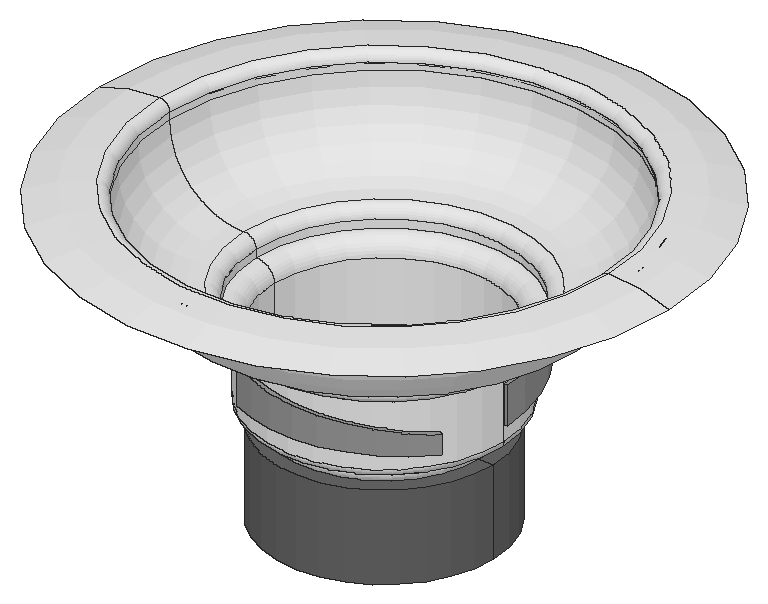
Revit family "LB6A", category Lighting Fixtures, host Face, Revit 2014
Parameters (values of type "LB6A")
  Wattage = 9.7 W
  built-in parameter 1150110 = 1 (stored number, unit not read)
  Voltage = 120 V
  built-in parameter 1114217 = 1 (stored number, unit not read)
  Tilt Angle = -90.00°
  built-in parameter 1150109 = 1 (stored number, unit not read)
  built-in parameter 1150134 = (empty or 0)
  built-in parameter 1150113 = 1 (stored number, unit not read)
  Power Factor = 1
  Photometric Web File = "LB6A7L30K9_WH.ies"
  More Photometric Web Link = "https://www.hubbell.com/hubbelllightingci/en/Products/Lighting-Controls/Commercial-Indoor-Lighting/Recessed-Downlights/LB6-LBEB6/p/2200690#prod-resources-section"
  built-in parameter 1150105 = -234208.4 (stored number, unit not read)
  Lumens = 663.48 lm
  built-in parameter 1150115 = 1 (stored number, unit not read)
  Load Classification = Lighting
  built-in parameter 1150137 = (empty or 0)
  built-in parameter 1150139 = (empty or 0)
  Wattage Comments = "Energy saving LED light engine with 10-watt input power"  # constant formula
  URL = "https://www.hubbell.com/prescolite/en/"
  Product Page URL = "https://www.hubbell.com/hubbelllightingci/en/Products/Lighting-Controls/Commercial-Indoor-Lighting/Recessed-Downlights/LB6-LBEB6/p/2200690"
  Product Documentation Link = "https://hubbellcdn.com/specsheet/lb_led_017.pdf"
  Model = "LB6A"  # constant formula
  Manufacturer = "Prescolite"  # constant formula
  built-in parameter 1150112 = 1 (stored number, unit not read)
  built-in parameter 1150114 = 1 (stored number, unit not read)
  Lamp = "LED"  # constant formula
  Input Wattage = 9.7 W
  built-in parameter 1150132 = (empty or 0)
  built-in parameter 1150102 = (empty or 0)
  built-in parameter 1150107 = 3000 (stored number, unit not read)
  built-in parameter 1150138 = (empty or 0)
  built-in parameter 1150106 = -2342.1 (stored number, unit not read)
  Glass = Hubbell-White Glass
  Emit from Circle Diameter = 6"  # constant formula
  Emit Shape Visible in Rendering = no
  built-in parameter 1150104 = 6.3546 (stored number, unit not read)
  Dimming Lamp Color Temperature Shift = <None>
  Description = "6in Fixed or Directional Downlight"  # constant formula
  Default Elevation = 48"
  Trim = Hubbell-White
  Contact us = "https://www.hubbell.com/hubbelllightingci/en/contactUs?productId=2200690"
  Color Filter = 16777215
  built-in parameter 1114218 = 1 (stored number, unit not read)
  built-in parameter 1150133 = 10 (stored number, unit not read)
  Apparent Load = Input Wattage / Power Factor  # 9.7 VA
Reference planes (in)
  plane 1 "Center (Front/Back)": y = 13.04941
  plane 2: z = 0
  plane 3 "Center (Left/Right)": x = 0
  plane 4: x = 3.875
  plane 5: z = -3.875
  plane 6: z = -2.72186
  plane 7: x = 2.93
  plane 8: z = 0.27754
Forms (in)
  Revolve 1, solid, material "Hubbell-White" <- "Trim"
    sketch origin (0, 13.04941, 0) x (1, 0, 0) y (0, 0, 1)
      loop
        arc (3.06101, 0.15) -> (2.96837, 0.11157) -> (2.93, 0.01891) r 0.13109
        line (2.93, 0.01891) -> (2.93, -0.07583)
        arc (2.93, -0.07583) -> (2.62984, -0.79184) -> (1.90883, -1.07977) r 1.00408
        arc (1.90883, -1.07977) -> (1.79668, -1.12455) -> (1.75, -1.23591) r 0.15617
        line (1.75, -1.23591) -> (1.75, -1.34231)
        arc (1.75, -1.34231) -> (1.575, -1.39821) -> (1.5, -1.56592) r 0.225
        line (1.5, -1.56592) -> (1.5, -2.36973)
        arc (1.5, -2.36973) -> (1.325, -2.42563) -> (1.25, -2.59334) r 0.225
        line (1.25, -2.59334) -> (0, -2.59334) -> (0, -2.72186) -> (1.25, -2.72186)
        arc (1.25, -2.72186) -> (1.33839, -2.68525) -> (1.375, -2.59686) r 0.125
        arc (1.375, -2.59686) -> (1.40429, -2.52615) -> (1.475, -2.49686) r 0.1
        line (1.475, -2.49686) -> (1.525, -2.49686)
        arc (1.525, -2.49686) -> (1.59571, -2.46757) -> (1.625, -2.39686) r 0.1
        line (1.625, -2.39686) -> (1.625, -1.56592)
        arc (1.625, -1.56592) -> (1.65429, -1.49521) -> (1.725, -1.46592) r 0.1
        line (1.725, -1.46592) -> (1.775, -1.46592)
        arc (1.775, -1.46592) -> (1.84571, -1.43663) -> (1.875, -1.36592) r 0.1
        line (1.875, -1.36592) -> (1.875, -1.22742)
        arc (1.875, -1.22742) -> (1.88268, -1.20858) -> (1.90135, -1.20048) r 0.02695
        arc (1.90135, -1.20048) -> (2.69275, -0.87928) -> (3.07042, -0.11321) r 1.20077
        arc (3.07042, -0.11321) -> (3.11074, -0.03254) -> (3.19486, 0) r 0.125
        line (3.19486, 0) -> (3.875, 0)
        arc (3.875, 0) -> (3.47488, 0.11232) -> (3.06101, 0.15) r 2.27552
      axis (0, 0.15) -> (0, -2.72186)
    angle from 0 to 360
  SweptBlend 2, solid, material "Hubbell-Steel"
    path origin (-0.50429, 0, 0) x (1, 0, 0) y (0, 1, 0)
      loop
        arc (2.15897, 13.04941) -> (1.74351, 14.32272) -> (0.65703, 15.10598) r 2.15897
    profile origin (1.65468, 13.04941, 0) x (-1, 0, 0) y (0, 0, 1)
      loop
        line (0.02476, -1.68452) -> (-0.02387, -1.68452) -> (-0.02387, -2.18452) -> (0.02476, -2.18452) -> (0.02476, -1.68452)
    end profile origin (0.15273, 15.10598, 0) x (-0.304324, -0.952568, 0) y (0, 0, 1)
      loop
        line (0.02344, -1.75879) -> (-0.02344, -1.75879) -> (-0.02344, -2.00879) -> (0.02344, -2.00879) -> (0.02344, -1.75879)
  SweptBlend 3, solid, material "Hubbell-Steel"
    path origin (-11.04897, 20.01085, 0) x (-0.5, -0.866025, 0) y (0.866025, -0.5, 0)
      loop
        arc (2.15897, 13.04941) -> (1.74351, 14.32272) -> (0.65703, 15.10598) r 2.15897
    profile origin (-0.82734, 11.61642, 0) x (0.5, 0.866025, 0) y (0, 0, 1)
      loop
        line (0.02476, -1.68452) -> (-0.02387, -1.68452) -> (-0.02387, -2.18452) -> (0.02476, -2.18452) -> (0.02476, -1.68452)
    end profile origin (1.70467, 11.88886, 0) x (-0.672786, 0.739837, 0) y (0, 0, 1)
      loop
        line (0.02344, -1.75879) -> (-0.02344, -1.75879) -> (-0.02344, -2.00879) -> (0.02344, -2.00879) -> (0.02344, -1.75879)
  SweptBlend 4, solid, material "Hubbell-Steel"
    path origin (11.55327, 19.13739, 0) x (-0.5, 0.866025, 0) y (-0.866025, -0.5, 0)
      loop
        arc (2.15897, 13.04941) -> (1.74351, 14.32272) -> (0.65703, 15.10598) r 2.15897
    profile origin (-0.82734, 14.4824, 0) x (0.5, -0.866025, 0) y (0, 0, 1)
      loop
        line (0.02476, -1.68452) -> (-0.02387, -1.68452) -> (-0.02387, -2.18452) -> (0.02476, -2.18452) -> (0.02476, -1.68452)
    end profile origin (-1.85741, 12.1534, 0) x (0.977111, 0.212732, 0) y (0, 0, 1)
      loop
        line (0.02344, -1.75879) -> (-0.02344, -1.75879) -> (-0.02344, -2.00879) -> (0.02344, -2.00879) -> (0.02344, -1.75879)
  Extrusion 5, void
    sketch origin (0, 0, 0) x (1, 0, 0) y (0, 1, 0)
      loop
        circle (0, 13.04941) r 3.05004
    from 0 to -3.875
  Extrusion 6, solid, material "Hubbell-White Glass" <- "Glass"
    sketch origin (0, 0, 0) x (1, 0, 0) y (0, 1, 0)
      loop
        circle (0, 13.04941) r 2.93
    from 0 to -0.25
  Revolve 7, solid, material "Hubbell-Black"
    sketch origin (0, 13.04941, 0) x (1, 0, 0) y (0, 0, 1)
      loop
        line (1.49008, -3.875) -> (1.49008, -2.72186) -> (0, -2.72186) -> (0, -3.875) -> (1.49008, -3.875)
      axis (0, -2.72186) -> (0, -3.875)
    angle from 0 to 360
Dimensions and locks (in)
  locked: plane 2 to plane 5 at 3.875
  plane 4 to plane 3 "Center (Left/Right)" = 3 7/8"
  plane 7 to plane 3 "Center (Left/Right)" = 2.93"
  aligned and locked: plane 2 to host face
  aligned and locked: level to host face
  aligned and locked: Revolve 1 sketch curve to plane 3 "Center (Left/Right)"
  aligned and locked: Revolve 1 sketch curve to level
  aligned and locked: plane 3 "Center (Left/Right)" to Revolve 1 sketch curve
  aligned and locked: level to Extrusion 5
  aligned and locked: Extrusion 5 to plane 5
  aligned and locked: plane 6 to Revolve 1 sketch curve
  aligned and locked: plane 3 "Center (Left/Right)" to Revolve 7 sketch curve
  aligned and locked: Revolve 7 sketch curve to plane 3 "Center (Left/Right)"
  aligned and locked: imposter light to plane 8
Connectors (in)
  electrical at (0, 13.04941, -2.59334), driven by "Voltage", driven by "Apparent Load", driven by "Power Factor", driven by "Load Classification"
    settings: on Revolve 1, index 1, voltage 120 V, apparent load 9.7 VA, apparent load phase1 0 VA, apparent load phase2 0 VA, apparent load phase3 0 VA, power factor 1, load classification "Lighting", number of poles 1, system type 30, power factor state 1, is connector primary yes, connector utility no, sub classification motor no, connector description "Lighting Connector"
